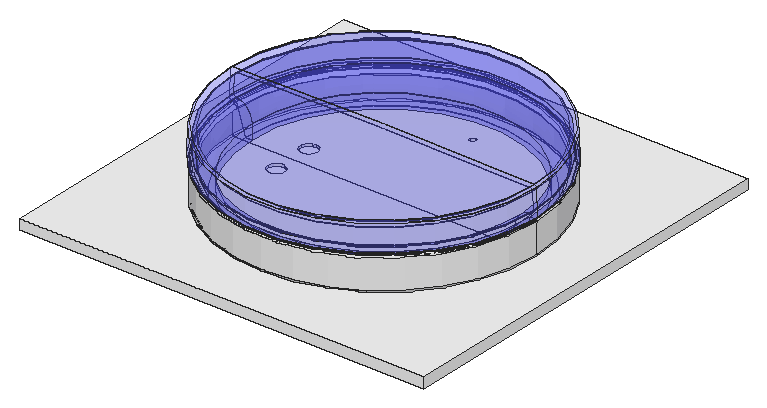
Revit family "BE_12128.1_de_DE", category Leuchten, Revit 2020
Family settings
  Basisbauteil = Fläche
  Bemaßung runder Anschluss = Durchmesser verwenden
  Teiletyp = Normal
  Beim Laden mit Abzugskörper schneiden = Ja
  Lichtquelle = Ja
  Gemeinsam genutzt = Nein
  Raumberechnungspunkt = Ja
Parameters (values of type "BEGA_12128.1_K3")
  built-in parameter 1150104 = 12.709 (stored number, unit not read)
  Wattage = 19.7 W
  Default Elevation = 0 mm
  built-in parameter 1150113 = 1 (stored number, unit not read)
  built-in parameter 1114218 = 1 (stored number, unit not read)
  Umgebungstemperatur = "25 °C"
  URL = "http://www.bega.de/de/produkt/12128.1"
  Typenkommentare = "© 2022 BEGA. Wir behalten uns das Recht vor, technische Änderungen ohne vorherige Ankündigung vorzunehmen."  # constant formula
  Type Image = 12128.1.png
  built-in parameter 1150134 = 12
  built-in parameter 1150109 = 1 (stored number, unit not read)
  Strom = ""
  built-in parameter 1150110 = 1 (stored number, unit not read)
  Spannung = 239.996 V
  Sonderanfertigung = no
  Seriennummer [instance] = "Hier können Sie die eindeutige Seriennummer für das Facility Management eintragen."
  Schutzklasse = "I"
  Schutzart = "IP 64"
  Scheinlast = 0 VA
  Produktdatenblatt = "http://www.bega.de/download/Xrfa/db/12128.1.db.de.pdf"
  Oberflächentemperatur = ""
  Neigungswinkel = 0.00°
  Model = "12128.1K4"
  Material_17 = BEGA_Reflektor
  Material_15 = BEGA_Leuchtmedium_matt
  Material_11 = BEGA_Glas_opal
  Material_09 = BEGA_Glas_klar
  Material_06 = BEGA_Oberfläche_Edelstahl_gebürstet
  Material_05 = BEGA_Oberfläche_Aluminium Guss
  Material_03 = BEGA_Oberfläche_Weiss_matt
  Material_02 = BEGA_Oberfläche_Silber_matt
  Material_01 [instance] = BEGA_Oberfläche_Grafit_matt
  M_W = no
  M_G = no
  M_A = no
  Logo = 0
  built-in parameter 1114217 = 1 (stored number, unit not read)
  built-in parameter 1150139 = (empty or 0)
  built-in parameter 1150105 = 214.46 (stored number, unit not read)
  built-in parameter 1150114 = 1 (stored number, unit not read)
  Lumens = 2694.96 lm
  built-in parameter 1150115 = 1 (stored number, unit not read)
  Leuchtenlichtstrom = "1753 lm"
  Leuchtenanzahl = ""
  Lebensdauerkriterien = "L70B50 @ 25 °C = 302000 h"
  Lastklassifizierung = Beleuchtung
  built-in parameter 1150112 = 1 (stored number, unit not read)
  Lampenlichtstrom = "2930 lm"
  Lamp = "LED 19.6 W"
  LED_Modulbezeichnung = "LED-0832/940"
  Hersteller = "BEGA"  # constant formula
  Halbstreuwinkel = ""
  Gewicht = "3.8 kg"
  Gebrauchslageneinschränkung [instance] = ""
  Frequenz = "0/50-60 Hz"
  Farbwiedergabeindex = "CRI > 90"
  Farbtemperaturverschiebung bei Dämpfen der Lampe = <Keine Auswahl>
  Farbtemperatur = "4000 K"
  Color Filter = 16777215
  built-in parameter 1150133 = 10 (stored number, unit not read)
  Energieeffizienzklasse = "LED A++ - A"
  built-in parameter 1150137 = (empty or 0)
  built-in parameter 1150132 = (empty or 0)
  ENEC = "ja"
  Dimmbar [instance] = "DALI"
  Photometric Web File = "BE_12128.1K4.IES"
  CE_Konformität = "ja"
  Bestellnummer = "12128.1K4"
  Beschreibung_Sonderanfertigung = "Hier können Sie Informationen zur Sonderanfertigung eintragen."
  Beschreibung = "Decken- und Wandleuchte"
  built-in parameter 1150106 = 2.1446 (stored number, unit not read)
  Befestigungsbohrung = "Ø 5,5 mm"
  Befestigungsabstand = "220 mm"
  Ballwurfsicher = ""
  BEGA_Intern_aus = yes
  BEGA_Intern_an = yes
  BEGA_Intern_Konstruktion = yes
  BEGA_Intern = yes
  BEGA_IES = yes
  BEGA_Dummy = no
  Anschlussleitung = ""
  Anschlussleistung [instance] = "23 W"
  Anschlusskasten = ""
  built-in parameter 1150107 = 4000 (stored number, unit not read)
  built-in parameter 1150102 = (empty or 0)
  built-in parameter 1150138 = (empty or 0)
  Aktualisierung = "2019-07-05T04:00:16"
  Abstand_zur_angestrahlten_Fläche [instance] = ""
  AC/DC = "AC/DC"
Reference planes
  plane 1 "Mitte (Vorne/Hinten)": y = 0
  plane 2: z = 0
  plane 3 "Mitte (Links/Rechts)": x = 0
  plane 4 "Links": x = -152.499
  plane 5 "Rechts": x = 152.499
  plane 6 "Unten": y = -152.5
  plane 7 "Oben": y = 152.5
  plane 8 "Vorne": z = 66.497
  plane 9 "Hinten": z = 0
Forms (mm)
  Extrusion 1, solid, material "BEGA_Platte_Weiss"
    sketch origin (0, -1119.2, 0) x (1, 0, 0) y (0, 1, 0)
      loop
        line (-200, 1319.2) -> (-200, 919.2) -> (200, 919.2) -> (200, 1319.2) -> (-200, 1319.2)
    from 0 to -10
  Extrusion 2, solid, material "BEGA_Dummy_matt", visible <- "BEGA_Dummy"
    sketch origin (77.149, -76.023, 0) x (1, 0, 0) y (0, 1, 0)
      loop
        circle (-77.149, 76.023) r 152.499
    from 0 to 66.497
Dimensions and locks
  plane 1 "Mitte (Vorne/Hinten)" to Extrusion 1 = 200 mm
  aligned and locked: plane 2 to Extrusion 1
  aligned and locked: level to Extrusion 1
Nested families
  nested 1: "BE_12128.1" at (0, 0, 0), type "BE_12128.1"
Connectors
  electrical at (0, 0, 0), driven by "Lastklassifizierung", driven by "Spannung", driven by "Scheinlast"
    settings: index 1, voltage 239.996 V, apparent load 0 VA, apparent load phase1 0 VA, apparent load phase2 0 VA, apparent load phase3 0 VA, power factor 1, load classification "Beleuchtung", number of poles 1, system type 31, power factor state 1, is connector primary yes, connector utility no, sub classification motor no, connector description ""
Definition of nested family "BE_12128.1"
  Parameters (values of type "BE_12128.1")
    Default Elevation = 1 mm
    URL = "http://www.bega.de/de/produkt"
    Type Comments = "© 2015 BEGA. Wir behalten uns das Recht vor, technische Änderungen ohne vorherige Ankündigung vorzunehmen. "  # constant formula
    Type Image = (empty or 0)
    Neigungswinkel_um_Z2 = 0.00°
    Neigungswinkel_um_Z1 = 0.00°
    Neigungswinkel_um_Y2 = 0.00°
    Neigungswinkel_um_Y1 = 0.00°
    Neigungswinkel_um_X2 = 0.00°
    Neigungswinkel_um_X1 = 0.00°
    Material_17 = none
    Material_15 = none
    Material_11 = none
    Material_09 = none
    Material_06 = none
    Material_05 = none
    Material_03 = none
    Material_02 = none
    Material_01 = none
    M_W = yes
    M_G = yes
    M_A = yes
    Länge_Platte = 350 mm  # constant formula
    Höhe_Platte = -10 mm  # constant formula
    Manufacturer = "BEGA"  # constant formula
    Drehwinkel_um_Z2 = 0.00°
    Drehwinkel_um_Z1 = 0.00°
    Breite_Platte = 350 mm  # constant formula
  Reference planes
    plane 1 "Mitte (Oben/Unten)": y = 0
    plane 2: z = 0
    plane 3 "Mitte (Links/Rechts)": x = 0
    plane 4: x = -152.499
    plane 5: z = 66.497
    plane 6: x = 152.499
    plane 7: y = -152.5
    plane 8: y = 152.5
  Forms (mm)
    Extrusion 1, solid, detail levels medium
      sketch origin (0, 0, 0) x (1, 0, 0) y (0, 1, 0)
        loop
          line (-175, 175) -> (-175, -175) -> (175, -175) -> (175, 175) -> (-175, 175)
      from 0 to -10 <- "Höhe_Platte"
    Revolve 2, solid, material <- "Material_03", detail levels medium+fine
      sketch origin (0, 0, 0) x (1, 0, 0) y (0, 0, 1)
        loop
          arc (-151.35, 3.5) -> (-150.764, 2.086) -> (-149.35, 1.5) r 2
          line (-149.35, 1.5) -> (0, 1.49) -> (0, 3.5) -> (-149.15, 3.5)
          arc (-149.15, 3.5) -> (-149.857, 3.793) -> (-150.15, 4.5) r 1
          line (-150.15, 4.5) -> (-150.15, 33.002) -> (-145.799, 28.651) -> (-144.95, 29.499) -> (-149.043, 33.592)
          arc (-149.043, 33.592) -> (-149.482, 33.886) -> (-150, 33.99) r 1.35
          arc (-150, 33.99) -> (-150.953, 33.596) -> (-151.35, 32.645) r 1.35
          line (-151.35, 32.645) -> (-151.35, 3.5)
        axis (0, 1.49) -> (0, 33.99)
      angle from 0 to 360
    Revolve 3, solid, material <- "Material_03", detail levels medium+fine
      sketch origin (0, 10, 0) x (0, -1, 0) y (0, 0, -1)
        loop
          line (-109.291, -0.446) -> (-112.733, -2.568) -> (-100, -2.568) -> (-100, 0) -> (-107.719, 0)
          arc (-107.719, 0) -> (-108.537, -0.114) -> (-109.291, -0.446) r 3
        axis (-100, 0) -> (-100, -2.568)
      angle from 0 to 360
    Extrusion 4, void
      sketch origin (0, 0, 0) x (1, 0, 0) y (0, 1, 0)
        loop
          circle (-90, 20) r 8.455
        loop
          circle (0, 110) r 2.75
        loop
          circle (-90, -20) r 8.455
        loop
          circle (0, -110) r 2.75
      from 0 to 10
    Revolve 5, solid, material <- "Material_11", detail levels medium+fine
      sketch origin (0, 0, 0) x (1, 0, 0) y (0, 0, 1)
        loop
          arc (0, 66.495) -> (-74.831, 65.822) -> (-149.654, 64.537) r 9149.237
          arc (-149.654, 64.537) -> (-151.005, 63.959) -> (-151.594, 62.612) r 1.996
          line (-151.594, 62.612) -> (-152.499, 36.572)
          arc (-152.499, 36.572) -> (-151.94, 35.112) -> (-150.5, 34.5) r 2
          line (-150.5, 34.5) -> (-145, 34.5) -> (-136, 6) -> (-130, 6) -> (-130, 20.512)
          arc (-130, 20.512) -> (-134.491, 32.395) -> (-145.71, 38.354) r 18
          arc (-145.71, 38.354) -> (-147.612, 39.384) -> (-148.327, 41.426) r 3
          line (-148.327, 41.426) -> (-147.757, 57.54)
          arc (-147.757, 57.54) -> (-146.859, 59.584) -> (-144.799, 60.444) r 3.005
          arc (-144.799, 60.444) -> (-72.403, 61.658) -> (0, 62.3) r 9145.037
          line (0, 62.3) -> (0, 66.495)
        axis (0, 66.495) -> (0, 6)
      angle from 0 to 360
    Revolve 6, solid, material <- "Material_03", detail levels medium+fine
      sketch origin (0, -10, 0) x (0, 1, 0) y (0, 0, 1)
        loop
          arc (-109.291, 0.446) -> (-108.537, 0.114) -> (-107.719, 0) r 3
          line (-107.719, 0) -> (-100, 0) -> (-100, 2.568) -> (-112.733, 2.568) -> (-109.291, 0.446)
        axis (-100, 0) -> (-100, 2.568)
      angle from 0 to 360
  Cuts and joins
    Extrusion 4 cuts Revolve 2
    Extrusion 4 cuts Revolve 3
    Extrusion 4 cuts Revolve 6
    joined: Revolve 2, Revolve 3, Revolve 6
  Dimensions and locks
    equal spacing: Extrusion 1 sketch curve, plane 3 "Mitte (Links/Rechts)", Extrusion 1 sketch curve
    equal spacing: Extrusion 1 sketch curve, plane 1 "Mitte (Oben/Unten)", Extrusion 1 sketch curve
    "Länge_Platte": Extrusion 1 sketch curve to Extrusion 1 sketch curve
    "Breite_Platte": Extrusion 1 sketch curve to Extrusion 1 sketch curve
    aligned and locked: plane 2 to Extrusion 1
    aligned and locked: level to Extrusion 1
  Automatic sketch dimensions
    Revolve 2 sketch curve to Revolve 2 sketch curve = 0 mm  (x9)
    Revolve 2 sketch curve to plane 3 "Mitte (Links/Rechts)" = 0 mm  (x2)
    Revolve 2 sketch curve to Revolve 2 sketch curve = 0.849 mm  (x2)
    Revolve 2 sketch curve to Revolve 2 sketch curve = 4.093 mm
    level to Revolve 2 sketch curve = 3.5 mm
    Revolve 2 sketch curve to Revolve 2 sketch curve = 0.2 mm
    Revolve 2 sketch curve to Revolve 2 sketch curve = 0.957 mm
    Revolve 2 sketch curve to Revolve 2 sketch curve = 1 mm  (x2)
    Revolve 2 sketch curve to Revolve 2 sketch curve = 1.2 mm
    level to Revolve 2 sketch curve = 1.49 mm
    Revolve 2 sketch curve to Revolve 2 sketch curve = 24.151 mm
    Revolve 2 sketch curve to Revolve 2 sketch curve = 3.989 mm
    Revolve 2 sketch curve to Revolve 2 sketch curve = 0.005 mm
    Revolve 2 sketch curve to Revolve 2 sketch curve = 0.362 mm
    Revolve 2 sketch curve to Revolve 2 sketch curve = 0.59 mm
    Revolve 2 sketch curve to Revolve 2 sketch curve = 0.15 mm
    Revolve 2 sketch curve to Revolve 2 sketch curve = 1.76 mm
    level to Revolve 3 sketch curve = 2.568 mm
    level to Revolve 3 sketch curve = 3 mm
    Revolve 3 sketch curve to Revolve 3 sketch curve = 5.014 mm
    Revolve 3 sketch curve to Revolve 3 sketch curve = 7.719 mm
    Revolve 3 sketch curve to level = 0 mm
    level to Revolve 3 sketch curve = 0.446 mm  (x2)
    Revolve 3 sketch curve to Revolve 3 sketch curve = 0.002 mm
    Revolve 3 sketch curve to Revolve 3 sketch curve = 0 mm  (x3)
    plane 1 "Mitte (Oben/Unten)" to Extrusion 4 sketch curve = 20 mm
    Extrusion 4 sketch curve to plane 1 "Mitte (Oben/Unten)" = 20 mm
    Extrusion 4 sketch curve to Extrusion 4 sketch curve = 0 mm
    plane 3 "Mitte (Links/Rechts)" to Extrusion 4 sketch curve = 0 mm  (x2)
    level to Revolve 6 sketch curve = 2.568 mm
    level to Revolve 6 sketch curve = 3 mm
    Revolve 6 sketch curve to Revolve 6 sketch curve = 5.014 mm
    Revolve 6 sketch curve to Revolve 6 sketch curve = 7.719 mm
    Revolve 6 sketch curve to level = 0 mm
    level to Revolve 6 sketch curve = 0.446 mm  (x2)
    Revolve 6 sketch curve to Revolve 6 sketch curve = 0.002 mm
    Revolve 6 sketch curve to Revolve 6 sketch curve = 0 mm  (x3)
    Revolve 5 sketch curve to plane 3 "Mitte (Links/Rechts)" = 0 mm  (x2)
    Revolve 5 sketch curve to Revolve 5 sketch curve = 0.328 mm
    Revolve 5 sketch curve to Revolve 5 sketch curve = 3.003 mm
    Revolve 5 sketch curve to Revolve 5 sketch curve = 3 mm
    Revolve 5 sketch curve to Revolve 5 sketch curve = 2.998 mm
    Revolve 5 sketch curve to Revolve 5 sketch curve = 1.842 mm
    Revolve 5 sketch curve to Revolve 5 sketch curve = 2.173 mm
    Revolve 5 sketch curve to Revolve 5 sketch curve = 1.995 mm
    Revolve 5 sketch curve to Revolve 5 sketch curve = 1.999 mm
    plane 3 "Mitte (Links/Rechts)" to Revolve 5 sketch curve = 44.821 mm
    Revolve 5 sketch curve to Revolve 5 sketch curve = 0.032 mm
    Revolve 5 sketch curve to Revolve 5 sketch curve = 0.101 mm
    Revolve 5 sketch curve to Revolve 5 sketch curve = 16.114 mm
    Revolve 5 sketch curve to Revolve 5 sketch curve = 0.097 mm
    Revolve 5 sketch curve to Revolve 5 sketch curve = 4.854 mm
    Revolve 5 sketch curve to Revolve 5 sketch curve = 0.072 mm
    Revolve 5 sketch curve to Revolve 5 sketch curve = 0 mm  (x5)
    Revolve 5 sketch curve to Revolve 5 sketch curve = 13.988 mm
    Revolve 5 sketch curve to Revolve 5 sketch curve = 14 mm
    level to Revolve 5 sketch curve = 6 mm
    Revolve 5 sketch curve to level = 9082.628 mm
    Revolve 5 sketch curve to Revolve 5 sketch curve = 0.005 mm
    level to Revolve 5 sketch curve = 62.3 mm
    Revolve 5 sketch curve to Revolve 5 sketch curve = 0.071 mm
    Revolve 5 sketch curve to Revolve 5 sketch curve = 4.195 mm
    Revolve 5 sketch curve to Revolve 5 sketch curve = 0.382 mm
    Revolve 5 sketch curve to Revolve 5 sketch curve = 9.492 mm
    Revolve 5 sketch curve to Revolve 5 sketch curve = 14.5 mm
    Revolve 5 sketch curve to Revolve 5 sketch curve = 2.098 mm
    Revolve 2 sketch curve to plane 3 "Mitte (Links/Rechts)" = 144.95 mm
    Revolve 2 sketch curve to Revolve 2 sketch curve = 3.351 mm
    Extrusion 4 sketch curve to plane 3 "Mitte (Links/Rechts)" = 90 mm
    Revolve 5 sketch curve to plane 3 "Mitte (Links/Rechts)" = 130 mm
    Revolve 5 sketch curve to Revolve 5 sketch curve = 6 mm
    Revolve 5 sketch curve to Revolve 5 sketch curve = 14.754 mm
    Revolve 5 sketch curve to Revolve 5 sketch curve = 15 mm
    plane 1 "Mitte (Oben/Unten)" to Extrusion 4 sketch curve = 110 mm
    Extrusion 4 sketch curve to plane 1 "Mitte (Oben/Unten)" = 110 mm
    radius of Extrusion 4 sketch curve = 8.455 mm  (x2)
    radius of Extrusion 4 sketch curve = 2.75 mm  (x2)
